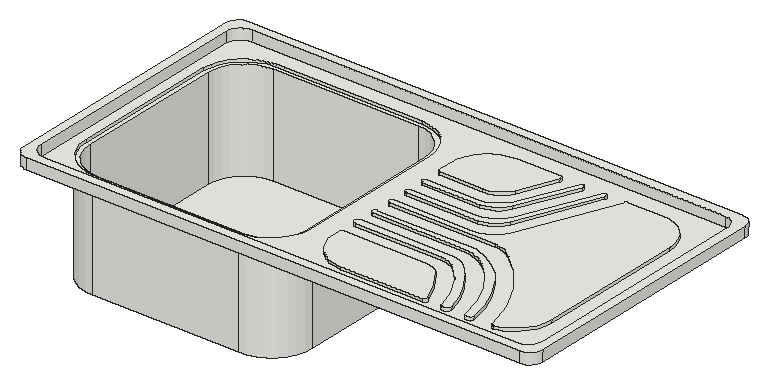
Revit family
Parameters
  Material of Sink = Sink Material
  Counter Height = 900 mm
Reference planes
  plane 1 "Center (Front/Back)": y = 0
  plane 2: z = 0
  plane 3 "Center (Left/Right)": x = 0
  plane 4: y = 267.5
  plane 5: x = 500
  plane 6: x = -500
  plane 7: y = -267.5
  plane 8: z = 900
Forms (mm)
  Extrusion 1, solid, material "Sink Material" <- "Material of Sink"
    sketch origin (0, 0, 900) x (-1, 0, 0) y (0, -1, 0)
      loop
        arc (483, 222.5) -> (474.799, 242.299) -> (455, 250.5) r 28
        line (455, 250.5) -> (-455, 250.5)
        arc (-455, 250.5) -> (-474.799, 242.299) -> (-483, 222.5) r 28
        line (-483, 222.5) -> (-483, -222.5)
        arc (-483, -222.5) -> (-474.799, -242.299) -> (-455, -250.5) r 28
        line (-455, -250.5) -> (455, -250.5)
        arc (455, -250.5) -> (474.799, -242.299) -> (483, -222.5) r 28
        line (483, -222.5) -> (483, 222.5)
      loop
        arc (-475, 267.5) -> (-492.677, 260.178) -> (-500, 242.5) r 25
        line (-500, 242.5) -> (-500, -242.837)
        arc (-500, -242.837) -> (-492.776, -260.276) -> (-475.337, -267.5) r 24.663
        line (-475.337, -267.5) -> (475, -267.5)
        arc (475, -267.5) -> (492.677, -260.178) -> (500, -242.5) r 25
        line (500, -242.5) -> (500, 242.5)
        arc (500, 242.5) -> (492.677, 260.178) -> (475, 267.5) r 25
        line (475, 267.5) -> (-475, 267.5)
    from 0 to -20
  Extrusion 2, solid, material "Sink Material" <- "Material of Sink"
    sketch origin (0, 0, 900) x (-1, 0, 0) y (0, -1, 0)
      loop
        arc (483, 222.5) -> (474.799, 242.299) -> (455, 250.5) r 28
        line (455, 250.5) -> (-455, 250.5)
        arc (-455, 250.5) -> (-474.799, 242.299) -> (-483, 222.5) r 28
        line (-483, 222.5) -> (-483, -222.5)
        arc (-483, -222.5) -> (-474.799, -242.299) -> (-455, -250.5) r 28
        line (-455, -250.5) -> (455, -250.5)
        arc (455, -250.5) -> (474.799, -242.299) -> (483, -222.5) r 28
        line (483, -222.5) -> (483, 222.5)
      loop
        arc (103.806, 219.5) -> (48.652, 196.654) -> (25.806, 141.5) r 78
        line (25.806, 141.5) -> (25.806, -141.5)
        arc (25.806, -141.5) -> (48.652, -196.654) -> (103.806, -219.5) r 78
        line (103.806, -219.5) -> (383.806, -219.5)
        arc (383.806, -219.5) -> (438.96, -196.654) -> (461.806, -141.5) r 78
        line (461.806, -141.5) -> (461.806, 141.5)
        arc (461.806, 141.5) -> (438.96, 196.654) -> (383.806, 219.5) r 78
        line (383.806, 219.5) -> (103.806, 219.5)
    from -20 to -25
  Extrusion 3, solid, material "Sink Material" <- "Material of Sink"
    sketch origin (0, 0, 900) x (-1, 0, 0) y (0, -1, 0)
      loop
        line (-15.806, -141.5) -> (-15.806, -112.08)
        arc (-15.806, -112.08) -> (-17.27, -108.544) -> (-20.806, -107.08) r 5
        line (-20.806, -107.08) -> (-104.328, -107.08)
        arc (-104.328, -107.08) -> (-129.008, -115.074) -> (-145.872, -134.787) r 47.776
        line (-145.872, -134.787) -> (-174.922, -204.579)
        arc (-174.922, -204.579) -> (-174.332, -209.185) -> (-170.306, -211.5) r 5.222
        line (-170.306, -211.5) -> (-85.806, -211.5)
        arc (-85.806, -211.5) -> (-36.308, -190.997) -> (-15.806, -141.5) r 70
      loop
        line (-117.666, -77.08) -> (-20.806, -77.08)
        arc (-20.806, -77.08) -> (-15.806, -72.08) -> (-20.806, -67.08) r 5
        line (-20.806, -67.08) -> (-131.005, -67.08)
        arc (-131.005, -67.08) -> (-155.685, -75.074) -> (-172.55, -94.787) r 47.776
        line (-172.55, -94.787) -> (-218.248, -204.579)
        arc (-218.248, -204.579) -> (-215.486, -210.953) -> (-209.016, -208.421) r 5.003
        line (-209.016, -208.421) -> (-168.443, -110.945)
        arc (-168.443, -110.945) -> (-147.972, -86.639) -> (-117.666, -77.08) r 56.97
      loop
        arc (-20.806, -37.08) -> (-15.806, -32.08) -> (-20.806, -27.08) r 5
        line (-20.806, -27.08) -> (-157.682, -27.08)
        arc (-157.682, -27.08) -> (-182.363, -35.074) -> (-199.227, -54.787) r 47.776
        line (-199.227, -54.787) -> (-261.575, -204.579)
        arc (-261.575, -204.579) -> (-258.813, -210.953) -> (-252.343, -208.421) r 5.003
        line (-252.343, -208.421) -> (-195.121, -70.944)
        arc (-195.121, -70.944) -> (-174.65, -46.639) -> (-144.343, -37.08) r 56.971
        line (-144.343, -37.08) -> (-20.806, -37.08)
      loop
        line (-20.806, 12.92) -> (-222.697, 12.92)
        arc (-222.697, 12.92) -> (-238.671, 15.565) -> (-253.393, 22.305) r 61.226
        arc (-253.393, 22.305) -> (-332.174, 102.448) -> (-373.835, 206.821) r 284.909
        arc (-373.835, 206.821) -> (-376.08, 209.556) -> (-379.571, 210.133) r 5.026
        arc (-379.571, 210.133) -> (-419.587, 185.566) -> (-435.806, 141.5) r 71.666
        line (-435.806, 141.5) -> (-435.806, -141.5)
        arc (-435.806, -141.5) -> (-415.303, -190.997) -> (-365.806, -211.5) r 70
        line (-365.806, -211.5) -> (-300.286, -211.5)
        arc (-300.286, -211.5) -> (-297.565, -210.58) -> (-295.67, -208.421) r 5.541
        line (-295.67, -208.421) -> (-221.798, -30.945)
        arc (-221.798, -30.945) -> (-201.327, -6.639) -> (-171.021, 2.92) r 56.97
        line (-171.021, 2.92) -> (-20.806, 2.92)
        arc (-20.806, 2.92) -> (-15.806, 7.92) -> (-20.806, 12.92) r 5
      loop
        arc (-184.825, 94.92) -> (-203.379, 98.673) -> (-219.435, 108.698) r 53.078
        arc (-219.435, 108.698) -> (-255.613, 154.006) -> (-276.739, 208) r 193.442
        arc (-276.739, 208) -> (-286.721, 213.49) -> (-293.27, 204.169) r 8.536
        arc (-293.27, 204.169) -> (-268.265, 142.976) -> (-225.261, 92.772) r 207.209
        arc (-225.261, 92.772) -> (-210.836, 84.21) -> (-194.387, 80.92) r 49.833
        line (-194.387, 80.92) -> (-20.806, 80.92)
        arc (-20.806, 80.92) -> (-13.806, 87.92) -> (-20.806, 94.92) r 7
        line (-20.806, 94.92) -> (-184.825, 94.92)
      loop
        arc (-20.806, 122.92) -> (-17.27, 124.385) -> (-15.806, 127.92) r 5
        line (-15.806, 127.92) -> (-15.806, 141.5)
        arc (-15.806, 141.5) -> (-36.308, 190.997) -> (-85.806, 211.5) r 70
        line (-85.806, 211.5) -> (-243.647, 211.5)
        arc (-243.647, 211.5) -> (-247.741, 209.37) -> (-248.342, 204.794) r 4.995
        arc (-248.342, 204.794) -> (-230.887, 168.194) -> (-207.223, 135.266) r 227.963
        arc (-207.223, 135.266) -> (-192.637, 126.526) -> (-176.019, 122.92) r 52.363
        line (-176.019, 122.92) -> (-20.806, 122.92)
      loop
        line (-211.189, 42.92) -> (-20.806, 42.92)
        arc (-20.806, 42.92) -> (-15.806, 47.92) -> (-20.806, 52.92) r 5
        line (-20.806, 52.92) -> (-205.299, 52.92)
        arc (-205.299, 52.92) -> (-240.761, 69.101) -> (-269.963, 94.92) r 132.2
        arc (-269.963, 94.92) -> (-305.113, 149.538) -> (-324.585, 211.5) r 243.674
        arc (-324.585, 211.5) -> (-332.865, 213.24) -> (-338.743, 207.155) r 8.745
        arc (-338.743, 207.155) -> (-324.026, 153.211) -> (-296.221, 104.7) r 220.63
        arc (-296.221, 104.7) -> (-259.096, 66.391) -> (-211.189, 42.92) r 155.16
    from -20 to -15
  Sweep 4, solid, material "Sink Material" <- "Material of Sink"
    path origin (0, 0, 900) x (-1, 0, 0) y (0, -1, 0)
      loop
        arc (461.806, 141.5) -> (438.96, 196.654) -> (383.806, 219.5) r 78
        line (383.806, 219.5) -> (103.806, 219.5)
        arc (103.806, 219.5) -> (48.652, 196.654) -> (25.806, 141.5) r 78
        line (25.806, 141.5) -> (25.806, -141.5)
        arc (25.806, -141.5) -> (48.652, -196.654) -> (103.806, -219.5) r 78
        line (103.806, -219.5) -> (383.806, -219.5)
        arc (383.806, -219.5) -> (438.96, -196.654) -> (461.806, -141.5) r 78
        line (461.806, -141.5) -> (461.806, 141.5)
    profile origin (0, 0, 0) x (-1, 0, 0) y (0, 0, 1)
      loop
        line (463.349, 875) -> (453.38, 875) -> (453.38, 675) -> (463.349, 675) -> (463.349, 875)
  Extrusion 5, solid, material "Sink Material" <- "Material of Sink"
    sketch origin (0, 0, 900) x (-1, 0, 0) y (0, -1, 0)
      loop
        line (453.38, -141.5) -> (453.38, 141.5)
        arc (453.38, 141.5) -> (433.002, 190.696) -> (383.806, 211.074) r 69.574
        line (383.806, 211.074) -> (103.806, 211.074)
        arc (103.806, 211.074) -> (54.61, 190.696) -> (34.232, 141.5) r 69.574
        line (34.232, 141.5) -> (34.232, -141.5)
        arc (34.232, -141.5) -> (54.61, -190.696) -> (103.806, -211.074) r 69.574
        line (103.806, -211.074) -> (383.806, -211.074)
        arc (383.806, -211.074) -> (433.002, -190.696) -> (453.38, -141.5) r 69.574
      loop
        circle (101.753, 0) r 27.995
    from -225 to -217
Dimensions and locks
  locked: plane 6 to plane 5 at 1000
  locked: plane 7 to plane 4 at 535
  "Counter Height": plane 8 to level
  aligned and locked: plane 7 to Extrusion 1 sketch curve  (x2)
  aligned and locked: plane 4 to Extrusion 1 sketch curve
  aligned and locked: plane 6 to Extrusion 1 sketch curve
  aligned and locked: Extrusion 1 sketch curve to Extrusion 1 sketch curve
  aligned and locked: Extrusion 2 sketch curve to Extrusion 1  (x4)
  aligned and locked: Sweep 4 sketch curve to Extrusion 2  (x4)
  aligned and locked: Extrusion 5 sketch curve to Sweep 4  (x3)
Automatic sketch dimensions
  plane 6 to Extrusion 1 sketch curve = 25 mm  (x2)
  plane 4 to Extrusion 1 sketch curve = 0 mm
  Extrusion 1 sketch curve to Extrusion 1 sketch curve = 20 mm  (x4)
  Extrusion 1 sketch curve to Extrusion 1 sketch curve = 28 mm
  Extrusion 1 sketch curve to plane 5 = 45 mm  (x2)
  Extrusion 1 sketch curve to Extrusion 1 sketch curve = 20.337 mm
  Extrusion 1 sketch curve to plane 5 = 17 mm
  Extrusion 1 sketch curve to plane 5 = 0 mm
  Extrusion 2 sketch curve to Extrusion 2 sketch curve = 28 mm  (x2)
  Extrusion 2 sketch curve to Extrusion 2 sketch curve = 78 mm  (x2)
  Extrusion 2 sketch curve to Extrusion 2 sketch curve = 71.194 mm
  Extrusion 2 sketch curve to Extrusion 2 sketch curve = 99.194 mm
  Extrusion 3 sketch curve to Extrusion 3 sketch curve = 0.978 mm
  Extrusion 3 sketch curve to Extrusion 3 sketch curve = 4.759 mm
  Extrusion 3 sketch curve to Extrusion 3 sketch curve = 70 mm
  Extrusion 3 sketch curve to Extrusion 3 sketch curve = 14.441 mm
  Extrusion 3 sketch curve to Extrusion 3 sketch curve = 35.092 mm
  Extrusion 3 sketch curve to Extrusion 3 sketch curve = 8.444 mm
  Extrusion 3 sketch curve to Extrusion 3 sketch curve = 5.713 mm
  plane 4 to Extrusion 3 sketch curve = 61.53 mm
  Extrusion 3 sketch curve to Extrusion 3 sketch curve = 65.167 mm
  Extrusion 3 sketch curve to Extrusion 3 sketch curve = 0.353 mm
  Extrusion 3 sketch curve to Extrusion 3 sketch curve = 67.932 mm
  Extrusion 3 sketch curve to Extrusion 3 sketch curve = 31.315 mm
  Extrusion 3 sketch curve to Extrusion 3 sketch curve = 8.476 mm
  Extrusion 3 sketch curve to Extrusion 3 sketch curve = 8.054 mm
  Extrusion 3 sketch curve to Extrusion 3 sketch curve = 26.258 mm
  Extrusion 3 sketch curve to Extrusion 3 sketch curve = 34.094 mm  (x2)
  Extrusion 3 sketch curve to Extrusion 3 sketch curve = 4.685 mm  (x2)
  plane 1 "Center (Front/Back)" to Extrusion 3 sketch curve = 22.305 mm
  plane 4 to Extrusion 3 sketch curve = 59.079 mm
  Extrusion 3 sketch curve to Extrusion 3 sketch curve = 4.547 mm  (x2)
  Extrusion 3 sketch curve to Extrusion 3 sketch curve = 28.397 mm
  Extrusion 3 sketch curve to Extrusion 3 sketch curve = 4.693 mm
  Extrusion 3 sketch curve to Extrusion 3 sketch curve = 0.003 mm
  Extrusion 3 sketch curve to Extrusion 3 sketch curve = 44.703 mm
  Extrusion 3 sketch curve to Extrusion 3 sketch curve = 30.695 mm
  Extrusion 3 sketch curve to plane 1 "Center (Front/Back)" = 30.945 mm
  Extrusion 3 sketch curve to Extrusion 3 sketch curve = 4.49 mm
  Extrusion 3 sketch curve to Extrusion 3 sketch curve = 5.826 mm
  Extrusion 3 sketch curve to Extrusion 3 sketch curve = 34.095 mm
  Extrusion 3 sketch curve to Extrusion 3 sketch curve = 11.508 mm
  Extrusion 3 sketch curve to plane 1 "Center (Front/Back)" = 208.421 mm
  Extrusion 3 sketch curve to Extrusion 3 sketch curve = 12.212 mm
  Extrusion 3 sketch curve to Extrusion 3 sketch curve = 5.89 mm
  Extrusion 3 sketch curve to Extrusion 3 sketch curve = 22.571 mm  (x2)
  Extrusion 3 sketch curve to Extrusion 3 sketch curve = 4.106 mm
  Extrusion 3 sketch curve to Extrusion 3 sketch curve = 26.383 mm
  Extrusion 3 sketch curve to Extrusion 3 sketch curve = 14.246 mm
  Extrusion 3 sketch curve to Extrusion 3 sketch curve = 9.562 mm
  Extrusion 3 sketch curve to Extrusion 3 sketch curve = 9.23 mm
  Extrusion 3 sketch curve to Extrusion 3 sketch curve = 16.958 mm
  plane 4 to Extrusion 3 sketch curve = 62.921 mm
  Extrusion 3 sketch curve to Extrusion 3 sketch curve = 10.375 mm
  Extrusion 3 sketch curve to plane 1 "Center (Front/Back)" = 94.787 mm
  Extrusion 3 sketch curve to Extrusion 3 sketch curve = 51.677 mm
  Extrusion 3 sketch curve to Extrusion 3 sketch curve = 4.616 mm  (x2)
  Extrusion 3 sketch curve to Extrusion 3 sketch curve = 4.934 mm
  Extrusion 3 sketch curve to Extrusion 3 sketch curve = 29.51 mm
  Extrusion 3 sketch curve to Extrusion 3 sketch curve = 4.62 mm
  Extrusion 3 sketch curve to plane 1 "Center (Front/Back)" = 110.945 mm
  Extrusion 3 sketch curve to Extrusion 3 sketch curve = 0.858 mm
  Extrusion 3 sketch curve to Extrusion 3 sketch curve = 12.035 mm
  Extrusion 3 sketch curve to Extrusion 3 sketch curve = 13.863 mm  (x2)
  Extrusion 3 sketch curve to Extrusion 3 sketch curve = 13.339 mm  (x3)
  Extrusion 3 sketch curve to Extrusion 3 sketch curve = 12.815 mm  (x2)
  Extrusion 3 sketch curve to Extrusion 3 sketch curve = 24.849 mm  (x2)
  Extrusion 3 sketch curve to Extrusion 3 sketch curve = 13.862 mm
  plane 7 to Extrusion 3 sketch curve = 29.716 mm
  Extrusion 3 sketch curve to Extrusion 3 sketch curve = 47.646 mm
  plane 7 to Extrusion 3 sketch curve = 9.319 mm
  Extrusion 3 sketch curve to Extrusion 3 sketch curve = 2.183 mm
  Extrusion 3 sketch curve to Extrusion 3 sketch curve = 3.343 mm
  Extrusion 3 sketch curve to Extrusion 3 sketch curve = 16.693 mm
  Extrusion 3 sketch curve to Extrusion 3 sketch curve = 2.261 mm
  Extrusion 3 sketch curve to Extrusion 3 sketch curve = 3.609 mm
  Extrusion 3 sketch curve to plane 7 = 16.737 mm
  plane 3 "Center (Left/Right)" to Extrusion 3 sketch curve = 34.669 mm
  plane 3 "Center (Left/Right)" to Extrusion 3 sketch curve = 20.806 mm  (x7)
  Extrusion 3 sketch curve to Extrusion 3 sketch curve = 5 mm  (x4)
  Extrusion 3 sketch curve to Extrusion 3 sketch curve = 2.087 mm  (x2)
  Extrusion 3 sketch curve to Extrusion 3 sketch curve = 20.785 mm  (x2)
  Extrusion 3 sketch curve to Extrusion 3 sketch curve = 19.214 mm  (x2)
  Extrusion 3 sketch curve to Extrusion 3 sketch curve = 16.909 mm
  Extrusion 3 sketch curve to Extrusion 3 sketch curve = 16.157 mm
  Extrusion 3 sketch curve to Extrusion 3 sketch curve = 18.656 mm
  Extrusion 3 sketch curve to Extrusion 3 sketch curve = 9.779 mm
  Extrusion 3 sketch curve to Extrusion 3 sketch curve = 15.926 mm
  Extrusion 3 sketch curve to Extrusion 3 sketch curve = 65.057 mm
  Extrusion 3 sketch curve to Extrusion 3 sketch curve = 13.58 mm
  Extrusion 3 sketch curve to Extrusion 3 sketch curve = 0.625 mm
  Extrusion 3 sketch curve to Extrusion 3 sketch curve = 2.276 mm
  Extrusion 3 sketch curve to Extrusion 3 sketch curve = 1.005 mm
  Sweep 4 sketch curve to plane 3 "Center (Left/Right)" = 103.806 mm
  Sweep 4 sketch curve to Sweep 4 sketch curve = 78 mm
  profile plane to Sweep 4 sketch curve = 8.426 mm
  Sweep 4 sketch curve to profile plane = 1.544 mm
  Sweep 4 sketch curve to plane 8 = 225 mm
  Sweep 4 sketch curve to plane 8 = 25 mm
  Extrusion 5 sketch curve to plane 1 "Center (Front/Back)" = 0 mm
  Extrusion 5 sketch curve to plane 3 "Center (Left/Right)" = 101.753 mm
  Extrusion 5 sketch curve to Extrusion 5 sketch curve = 69.574 mm  (x2)
  plane 4 to Extrusion 1 sketch curve = 17 mm
  Extrusion 2 sketch curve to plane 3 "Center (Left/Right)" = 25.806 mm
  plane 6 to Extrusion 2 sketch curve = 38.194 mm
  plane 4 to Extrusion 2 sketch curve = 48 mm
  Extrusion 2 sketch curve to Extrusion 2 sketch curve = 81 mm
  Extrusion 3 sketch curve to Extrusion 3 sketch curve = 49.789 mm
  plane 3 "Center (Left/Right)" to Extrusion 3 sketch curve = 85.806 mm
  Extrusion 3 sketch curve to Extrusion 3 sketch curve = 28.839 mm
  Extrusion 3 sketch curve to Extrusion 3 sketch curve = 16.696 mm
  Extrusion 3 sketch curve to Extrusion 3 sketch curve = 24.115 mm
  plane 1 "Center (Front/Back)" to Extrusion 3 sketch curve = 2.92 mm
  Extrusion 3 sketch curve to Extrusion 3 sketch curve = 4.107 mm
  Extrusion 3 sketch curve to Extrusion 3 sketch curve = 6.921 mm
  Extrusion 3 sketch curve to Extrusion 3 sketch curve = 5.53 mm
  Extrusion 3 sketch curve to Extrusion 3 sketch curve = 13.321 mm
  Extrusion 3 sketch curve to Extrusion 3 sketch curve = 23.843 mm
  Extrusion 3 sketch curve to Extrusion 3 sketch curve = 30 mm
  Extrusion 3 sketch curve to Extrusion 3 sketch curve = 6.805 mm
  Extrusion 3 sketch curve to Extrusion 3 sketch curve = 7 mm
  Extrusion 3 sketch curve to Extrusion 3 sketch curve = 2.149 mm
  Extrusion 3 sketch curve to Extrusion 3 sketch curve = 7.813 mm
  Extrusion 3 sketch curve to Extrusion 3 sketch curve = 4.532 mm
  Extrusion 3 sketch curve to Extrusion 3 sketch curve = 66.676 mm
  radius of Extrusion 5 sketch curve = 27.995 mm
